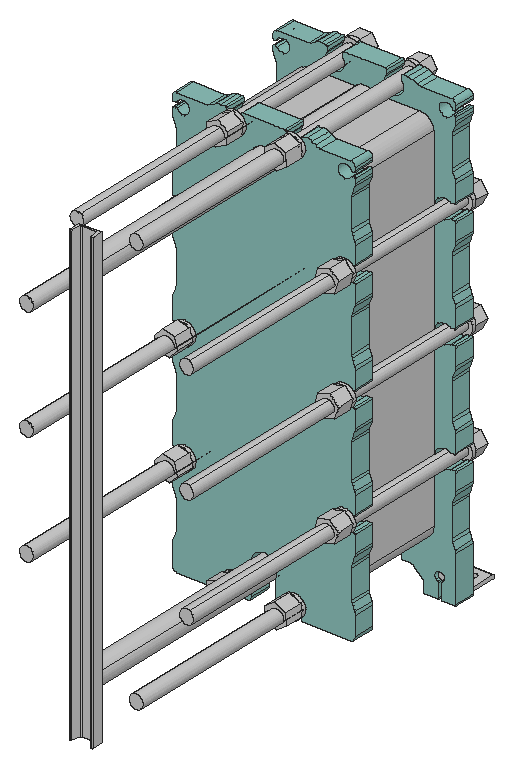
Revit family "Ekin_Endüstriyel - MIT518", category Specialty Equipment, Revit 2022
Family settings
  Round Connector Dimension = Use Diameter
  Part Type = Normal
  Work Plane-Based = No
  Always vertical = No
  Cut with Voids When Loaded = No
  Maintain Annotation Orientation = No
  Shared = No
  Room Calculation Point = No
Parameters (values of type "Flanged")
  URL = "https://en.ekinendustriyel.com/plate-heat-exchanger"
  Type Comments = ""
  Thickness_of_Plate = 0.50 mm  # constant formula
  Number_of_Plate [instance] = 50
  Model = if(Hygienic, if(Design Pressure < 11.0 bar, "H12340000F50L", if(Design Pressure < 16.0 bar, " H12340000F50M", " H12340000F50H")), if(Design Pressure < 10.0 bar, "E12340000F50L", if(Design Pressure < 16.0 bar, " E12340000F50M", " E12340000F50H")))  # " H12340000F50H"
  Material = Galvanized Steel- S235JR
  Manufacturer = "Ekin Endüstriyel"
  Lk [instance] = (Number_of_Plate) * ((Thickness_of_Plate) + 4.10 mm)  # 230.00 mm
  Lh [instance] = 500.00 mm  # constant formula
  Lf [instance] = 950.00 mm  # constant formula
  Lc [instance] = if(Number_of_Plate < 26, 350.00 mm, if(Number_of_Plate < 46, 500.00 mm, if(Number_of_Plate < 71, 750.00 mm, if(Number_of_Plate < 101, 1000.00 mm, 1250.00 mm))))  # 750.00 mm
  La [instance] = 1000.00 mm  # constant formula
  Keynote = ""
  Industrial = not(Hygienic)  # no
  Hygienic = yes
  Head & Follower Plate [instance] = if(Design Pressure < 11.0 bar, 25.00 mm, if(Design Pressure < 17.0 bar, 35.00 mm, 45.00 mm))  # 45.00 mm
  Follower Plate [instance] = -(Head & Follower Plate)  # -45.00 mm
  Design Pressure = 20 bar
  Description = if(Design Pressure < 10.0663 bar, "MIT - Heat Exchanger - 10 bar", if(Design Pressure < 15.9958 bar, " MIT - Heat Exchanger - 16 bar", " MIT - Heat Exchanger - 25 bar"))  # " MIT - Heat Exchanger - 25 bar"
  Default Elevation = 0.00 mm
Reference planes
  plane 1 "Center (Front/Back)": y = 0
  plane 2: z = 0
  plane 3 "Center (Left/Right)": x = 0
  plane 4: x = 1160
  plane 5: x = -1000
  plane 6 "2": y = -275
  plane 7 "1": y = -45
  plane 8 "3": y = -795
  plane 9 "Bolt End": y = 18.7
  plane 10: y = -750
Forms (mm)
  Extrusion 1, solid, material "Galvanized Steel", detail levels fine
    sketch origin (4.063, 0, 0) x (1, 0, 0) y (0, 0, 1)
      loop
        arc (195.937, 980) -> (193.008, 987.071) -> (185.937, 990) r 10
        line (185.937, 990) -> (118.616, 990)
        arc (118.616, 990) -> (113.44, 990.681) -> (108.616, 992.679) r 20
        line (108.616, 992.679) -> (100.578, 997.321)
        arc (100.578, 997.321) -> (95.754, 999.319) -> (90.578, 1000) r 20
        line (90.578, 1000) -> (80.187, 1000)
        arc (80.187, 1000) -> (78.066, 999.121) -> (77.187, 997) r 3
        line (77.187, 997) -> (77.187, 989.333)
        arc (77.187, 989.333) -> (77.339, 988.389) -> (77.781, 987.541) r 3
        arc (77.781, 987.541) -> (60.937, 954) -> (44.093, 987.541) r 21
        arc (44.093, 987.541) -> (44.535, 988.389) -> (44.687, 989.333) r 3
        line (44.687, 989.333) -> (44.687, 997)
        arc (44.687, 997) -> (43.808, 999.121) -> (41.687, 1000) r 3
        line (41.687, 1000) -> (-49.813, 1000)
        arc (-49.813, 1000) -> (-51.934, 999.121) -> (-52.813, 997) r 3
        line (-52.813, 997) -> (-52.813, 989.333)
        arc (-52.813, 989.333) -> (-52.661, 988.389) -> (-52.219, 987.541) r 3
        arc (-52.219, 987.541) -> (-69.063, 954) -> (-85.907, 987.541) r 21
        arc (-85.907, 987.541) -> (-85.465, 988.389) -> (-85.313, 989.333) r 3
        line (-85.313, 989.333) -> (-85.313, 997)
        arc (-85.313, 997) -> (-86.192, 999.121) -> (-88.313, 1000) r 3
        line (-88.313, 1000) -> (-98.704, 1000)
        arc (-98.704, 1000) -> (-103.88, 999.319) -> (-108.704, 997.321) r 20
        line (-108.704, 997.321) -> (-116.743, 992.679)
        arc (-116.743, 992.679) -> (-121.566, 990.681) -> (-126.743, 990) r 20
        line (-126.743, 990) -> (-194.063, 990)
        arc (-194.063, 990) -> (-201.134, 987.071) -> (-204.063, 980) r 10
        line (-204.063, 980) -> (-204.063, 973)
        arc (-204.063, 973) -> (-203.184, 970.879) -> (-201.063, 970) r 3
        line (-201.063, 970) -> (-198.188, 970)
        arc (-198.188, 970) -> (-196.606, 970.45) -> (-195.5, 971.667) r 3
        arc (-195.5, 971.667) -> (-167.063, 965) -> (-195.5, 958.333) r 15
        arc (-195.5, 958.333) -> (-196.606, 959.55) -> (-198.188, 960) r 3
        line (-198.188, 960) -> (-201.063, 960)
        arc (-201.063, 960) -> (-203.184, 959.121) -> (-204.063, 957) r 3
        line (-204.063, 957) -> (-204.063, 948.006)
        arc (-204.063, 948.006) -> (-203.759, 944.533) -> (-202.857, 941.166) r 20
        line (-202.857, 941.166) -> (-197.269, 925.814)
        arc (-197.269, 925.814) -> (-196.367, 922.446) -> (-196.063, 918.973) r 20
        line (-196.063, 918.973) -> (-196.063, 856.027)
        arc (-196.063, 856.027) -> (-196.367, 852.554) -> (-197.269, 849.186) r 20
        line (-197.269, 849.186) -> (-202.857, 833.834)
        arc (-202.857, 833.834) -> (-203.759, 830.467) -> (-204.063, 826.994) r 20
        line (-204.063, 826.994) -> (-204.063, 789.25)
        arc (-204.063, 789.25) -> (-203.184, 787.129) -> (-201.063, 786.25) r 3
        line (-201.063, 786.25) -> (-193.396, 786.25)
        arc (-193.396, 786.25) -> (-192.452, 786.402) -> (-191.604, 786.844) r 3
        arc (-191.604, 786.844) -> (-158.063, 770) -> (-191.604, 753.156) r 21
        arc (-191.604, 753.156) -> (-192.452, 753.598) -> (-193.396, 753.75) r 3
        line (-193.396, 753.75) -> (-201.063, 753.75)
        arc (-201.063, 753.75) -> (-203.184, 752.871) -> (-204.063, 750.75) r 3
        line (-204.063, 750.75) -> (-204.063, 713.006)
        arc (-204.063, 713.006) -> (-203.759, 709.533) -> (-202.857, 706.166) r 20
        line (-202.857, 706.166) -> (-197.269, 690.814)
        arc (-197.269, 690.814) -> (-196.367, 687.446) -> (-196.063, 683.973) r 20
        line (-196.063, 683.973) -> (-196.063, 611.027)
        arc (-196.063, 611.027) -> (-196.367, 607.554) -> (-197.269, 604.186) r 20
        line (-197.269, 604.186) -> (-202.857, 588.834)
        arc (-202.857, 588.834) -> (-203.759, 585.467) -> (-204.063, 581.994) r 20
        line (-204.063, 581.994) -> (-204.063, 544.25)
        arc (-204.063, 544.25) -> (-203.184, 542.129) -> (-201.063, 541.25) r 3
        line (-201.063, 541.25) -> (-193.396, 541.25)
        arc (-193.396, 541.25) -> (-192.452, 541.402) -> (-191.604, 541.844) r 3
        arc (-191.604, 541.844) -> (-158.063, 525) -> (-191.604, 508.156) r 21
        arc (-191.604, 508.156) -> (-192.452, 508.598) -> (-193.396, 508.75) r 3
        line (-193.396, 508.75) -> (-201.063, 508.75)
        arc (-201.063, 508.75) -> (-203.184, 507.871) -> (-204.063, 505.75) r 3
        line (-204.063, 505.75) -> (-204.063, 468.006)
        arc (-204.063, 468.006) -> (-203.759, 464.533) -> (-202.857, 461.166) r 20
        line (-202.857, 461.166) -> (-197.269, 445.814)
        arc (-197.269, 445.814) -> (-196.367, 442.446) -> (-196.063, 438.973) r 20
        line (-196.063, 438.973) -> (-196.063, 366.027)
        arc (-196.063, 366.027) -> (-196.367, 362.554) -> (-197.269, 359.186) r 20
        line (-197.269, 359.186) -> (-202.857, 343.834)
        arc (-202.857, 343.834) -> (-203.759, 340.467) -> (-204.063, 336.994) r 20
        line (-204.063, 336.994) -> (-204.063, 299.25)
        arc (-204.063, 299.25) -> (-203.184, 297.129) -> (-201.063, 296.25) r 3
        line (-201.063, 296.25) -> (-193.396, 296.25)
        arc (-193.396, 296.25) -> (-192.452, 296.402) -> (-191.604, 296.844) r 3
        arc (-191.604, 296.844) -> (-158.063, 280) -> (-191.604, 263.156) r 21
        arc (-191.604, 263.156) -> (-192.452, 263.598) -> (-193.396, 263.75) r 3
        line (-193.396, 263.75) -> (-201.063, 263.75)
        arc (-201.063, 263.75) -> (-203.184, 262.871) -> (-204.063, 260.75) r 3
        line (-204.063, 260.75) -> (-204.063, 223.006)
        arc (-204.063, 223.006) -> (-203.759, 219.533) -> (-202.857, 216.166) r 20
        line (-202.857, 216.166) -> (-197.269, 200.814)
        arc (-197.269, 200.814) -> (-196.367, 197.446) -> (-196.063, 193.973) r 20
        line (-196.063, 193.973) -> (-196.063, 131.027)
        arc (-196.063, 131.027) -> (-196.367, 127.554) -> (-197.269, 124.186) r 20
        line (-197.269, 124.186) -> (-202.857, 108.834)
        arc (-202.857, 108.834) -> (-203.759, 105.467) -> (-204.063, 101.994) r 20
        line (-204.063, 101.994) -> (-204.063, 3)
        arc (-204.063, 3) -> (-203.184, 0.879) -> (-201.063, 0) r 3
        line (-201.063, 0) -> (-175.063, 0)
        arc (-175.063, 0) -> (-172.942, 0.879) -> (-172.063, 3) r 3
        line (-172.063, 3) -> (-172.063, 32.351)
        arc (-172.063, 32.351) -> (-172.528, 33.954) -> (-173.777, 35.061) r 3
        arc (-173.777, 35.061) -> (-169.063, 56) -> (-164.349, 35.061) r 11
        arc (-164.349, 35.061) -> (-165.598, 33.954) -> (-166.063, 32.351) r 3
        line (-166.063, 32.351) -> (-166.063, 3)
        arc (-166.063, 3) -> (-165.184, 0.879) -> (-163.063, 0) r 3
        line (-163.063, 0) -> (-137.063, 0)
        arc (-137.063, 0) -> (-134.942, 0.879) -> (-134.063, 3) r 3
        line (-134.063, 3) -> (-134.063, 20.858)
        arc (-134.063, 20.858) -> (-133.302, 24.685) -> (-131.134, 27.929) r 10
        line (-131.134, 27.929) -> (-111.992, 47.071)
        arc (-111.992, 47.071) -> (-108.748, 49.239) -> (-104.921, 50) r 10
        line (-104.921, 50) -> (-88.313, 50)
        arc (-88.313, 50) -> (-86.192, 50.879) -> (-85.313, 53) r 3
        line (-85.313, 53) -> (-85.313, 60.667)
        arc (-85.313, 60.667) -> (-85.465, 61.611) -> (-85.907, 62.459) r 3
        arc (-85.907, 62.459) -> (-69.063, 96) -> (-52.219, 62.459) r 21
        arc (-52.219, 62.459) -> (-52.661, 61.611) -> (-52.813, 60.667) r 3
        line (-52.813, 60.667) -> (-52.813, 53)
        arc (-52.813, 53) -> (-51.934, 50.879) -> (-49.813, 50) r 3
        line (-49.813, 50) -> (41.687, 50)
        arc (41.687, 50) -> (43.808, 50.879) -> (44.687, 53) r 3
        line (44.687, 53) -> (44.687, 60.667)
        arc (44.687, 60.667) -> (44.535, 61.611) -> (44.093, 62.459) r 3
        arc (44.093, 62.459) -> (60.937, 96) -> (77.781, 62.459) r 21
        arc (77.781, 62.459) -> (77.339, 61.611) -> (77.187, 60.667) r 3
        line (77.187, 60.667) -> (77.187, 53)
        arc (77.187, 53) -> (78.066, 50.879) -> (80.187, 50) r 3
        line (80.187, 50) -> (96.795, 50)
        arc (96.795, 50) -> (100.622, 49.239) -> (103.866, 47.071) r 10
        line (103.866, 47.071) -> (123.008, 27.929)
        arc (123.008, 27.929) -> (125.176, 24.685) -> (125.937, 20.858) r 10
        line (125.937, 20.858) -> (125.937, 3)
        arc (125.937, 3) -> (126.816, 0.879) -> (128.937, 0) r 3
        line (128.937, 0) -> (154.937, 0)
        arc (154.937, 0) -> (157.058, 0.879) -> (157.937, 3) r 3
        line (157.937, 3) -> (157.937, 32.351)
        arc (157.937, 32.351) -> (157.472, 33.954) -> (156.223, 35.061) r 3
        arc (156.223, 35.061) -> (160.937, 56) -> (165.651, 35.061) r 11
        arc (165.651, 35.061) -> (164.402, 33.954) -> (163.937, 32.351) r 3
        line (163.937, 32.351) -> (163.937, 3)
        arc (163.937, 3) -> (164.816, 0.879) -> (166.937, 0) r 3
        line (166.937, 0) -> (192.937, 0)
        arc (192.937, 0) -> (195.058, 0.879) -> (195.937, 3) r 3
        line (195.937, 3) -> (195.937, 101.994)
        arc (195.937, 101.994) -> (195.633, 105.467) -> (194.731, 108.834) r 20
        line (194.731, 108.834) -> (189.143, 124.186)
        arc (189.143, 124.186) -> (188.241, 127.554) -> (187.937, 131.027) r 20
        line (187.937, 131.027) -> (187.937, 193.973)
        arc (187.937, 193.973) -> (188.241, 197.446) -> (189.143, 200.814) r 20
        line (189.143, 200.814) -> (194.731, 216.166)
        arc (194.731, 216.166) -> (195.633, 219.533) -> (195.937, 223.006) r 20
        line (195.937, 223.006) -> (195.937, 260.75)
        arc (195.937, 260.75) -> (195.058, 262.871) -> (192.937, 263.75) r 3
        line (192.937, 263.75) -> (185.27, 263.75)
        arc (185.27, 263.75) -> (184.326, 263.598) -> (183.478, 263.156) r 3
        arc (183.478, 263.156) -> (149.937, 280) -> (183.478, 296.844) r 21
        arc (183.478, 296.844) -> (184.326, 296.402) -> (185.27, 296.25) r 3
        line (185.27, 296.25) -> (192.937, 296.25)
        arc (192.937, 296.25) -> (195.058, 297.129) -> (195.937, 299.25) r 3
        line (195.937, 299.25) -> (195.937, 336.994)
        arc (195.937, 336.994) -> (195.633, 340.467) -> (194.731, 343.834) r 20
        line (194.731, 343.834) -> (189.143, 359.186)
        arc (189.143, 359.186) -> (188.241, 362.554) -> (187.937, 366.027) r 20
        line (187.937, 366.027) -> (187.937, 438.973)
        arc (187.937, 438.973) -> (188.241, 442.446) -> (189.143, 445.814) r 20
        line (189.143, 445.814) -> (194.731, 461.166)
        arc (194.731, 461.166) -> (195.633, 464.533) -> (195.937, 468.006) r 20
        line (195.937, 468.006) -> (195.937, 505.75)
        arc (195.937, 505.75) -> (195.058, 507.871) -> (192.937, 508.75) r 3
        line (192.937, 508.75) -> (185.27, 508.75)
        arc (185.27, 508.75) -> (184.326, 508.598) -> (183.478, 508.156) r 3
        arc (183.478, 508.156) -> (149.937, 525) -> (183.478, 541.844) r 21
        arc (183.478, 541.844) -> (184.326, 541.402) -> (185.27, 541.25) r 3
        line (185.27, 541.25) -> (192.937, 541.25)
        arc (192.937, 541.25) -> (195.058, 542.129) -> (195.937, 544.25) r 3
        line (195.937, 544.25) -> (195.937, 581.994)
        arc (195.937, 581.994) -> (195.633, 585.467) -> (194.731, 588.834) r 20
        line (194.731, 588.834) -> (189.143, 604.186)
        arc (189.143, 604.186) -> (188.241, 607.554) -> (187.937, 611.027) r 20
        line (187.937, 611.027) -> (187.937, 683.973)
        arc (187.937, 683.973) -> (188.241, 687.446) -> (189.143, 690.814) r 20
        line (189.143, 690.814) -> (194.731, 706.166)
        arc (194.731, 706.166) -> (195.633, 709.533) -> (195.937, 713.006) r 20
        line (195.937, 713.006) -> (195.937, 750.75)
        arc (195.937, 750.75) -> (195.058, 752.871) -> (192.937, 753.75) r 3
        line (192.937, 753.75) -> (185.27, 753.75)
        arc (185.27, 753.75) -> (184.326, 753.598) -> (183.478, 753.156) r 3
        arc (183.478, 753.156) -> (149.937, 770) -> (183.478, 786.844) r 21
        arc (183.478, 786.844) -> (184.326, 786.402) -> (185.27, 786.25) r 3
        line (185.27, 786.25) -> (192.937, 786.25)
        arc (192.937, 786.25) -> (195.058, 787.129) -> (195.937, 789.25) r 3
        line (195.937, 789.25) -> (195.937, 826.994)
        arc (195.937, 826.994) -> (195.633, 830.467) -> (194.731, 833.834) r 20
        line (194.731, 833.834) -> (189.143, 849.186)
        arc (189.143, 849.186) -> (188.241, 852.554) -> (187.937, 856.027) r 20
        line (187.937, 856.027) -> (187.937, 918.973)
        arc (187.937, 918.973) -> (188.241, 922.446) -> (189.143, 925.814) r 20
        line (189.143, 925.814) -> (194.731, 941.166)
        arc (194.731, 941.166) -> (195.633, 944.533) -> (195.937, 948.006) r 20
        line (195.937, 948.006) -> (195.937, 957)
        arc (195.937, 957) -> (195.058, 959.121) -> (192.937, 960) r 3
        line (192.937, 960) -> (190.061, 960)
        arc (190.061, 960) -> (188.48, 959.55) -> (187.374, 958.333) r 3
        arc (187.374, 958.333) -> (158.937, 965) -> (187.374, 971.667) r 15
        arc (187.374, 971.667) -> (188.48, 970.45) -> (190.061, 970) r 3
        line (190.061, 970) -> (192.937, 970)
        arc (192.937, 970) -> (195.058, 970.879) -> (195.937, 973) r 3
        line (195.937, 973) -> (195.937, 980)
      loop
        circle (-4.063, 124.5) r 6.25
      loop
        circle (127.937, 133) r 6.5
      loop
        circle (85.937, 175) r 31.5
      loop
        circle (127.937, 217) r 6.5
      loop
        circle (43.937, 133) r 6.5
      loop
        circle (43.937, 217) r 6.5
      loop
        circle (127.937, 833) r 6.5
      loop
        circle (85.937, 875) r 31.5
      loop
        circle (127.937, 917) r 6.5
      loop
        circle (43.937, 833) r 6.5
      loop
        circle (43.937, 917) r 6.5
      loop
        circle (-4.063, 925.5) r 6.75
      loop
        circle (-136.063, 133) r 6.5
      loop
        circle (-94.063, 175) r 31.5
      loop
        circle (-136.063, 217) r 6.5
      loop
        circle (-52.063, 133) r 6.5
      loop
        circle (-52.063, 217) r 6.5
      loop
        circle (-136.063, 833) r 6.5
      loop
        circle (-94.063, 875) r 31.5
      loop
        circle (-136.063, 917) r 6.5
      loop
        circle (-52.063, 833) r 6.5
      loop
        circle (-52.063, 917) r 6.5
    from 0 to 45
  Extrusion 2, solid, material "Galvanized Steel", detail levels fine
    sketch origin (4.063, -275, 0) x (-1, 0, 0) y (0, 0, 1)
      loop
        arc (-41.687, 1000) -> (-43.808, 999.121) -> (-44.687, 997) r 3
        line (-44.687, 997) -> (-44.687, 989.333)
        arc (-44.687, 989.333) -> (-44.535, 988.389) -> (-44.093, 987.541) r 3
        arc (-44.093, 987.541) -> (-60.937, 954) -> (-77.781, 987.541) r 21
        arc (-77.781, 987.541) -> (-77.339, 988.389) -> (-77.187, 989.333) r 3
        line (-77.187, 989.333) -> (-77.187, 997)
        arc (-77.187, 997) -> (-78.066, 999.121) -> (-80.187, 1000) r 3
        line (-80.187, 1000) -> (-90.578, 1000)
        arc (-90.578, 1000) -> (-95.754, 999.319) -> (-100.578, 997.321) r 20
        line (-100.578, 997.321) -> (-108.616, 992.679)
        arc (-108.616, 992.679) -> (-113.44, 990.681) -> (-118.616, 990) r 20
        line (-118.616, 990) -> (-185.937, 990)
        arc (-185.937, 990) -> (-193.008, 987.071) -> (-195.937, 980) r 10
        line (-195.937, 980) -> (-195.937, 973)
        arc (-195.937, 973) -> (-195.058, 970.879) -> (-192.937, 970) r 3
        line (-192.937, 970) -> (-190.061, 970)
        arc (-190.061, 970) -> (-188.48, 970.45) -> (-187.374, 971.667) r 3
        arc (-187.374, 971.667) -> (-158.937, 965) -> (-187.374, 958.333) r 15
        arc (-187.374, 958.333) -> (-188.48, 959.55) -> (-190.061, 960) r 3
        line (-190.061, 960) -> (-192.937, 960)
        arc (-192.937, 960) -> (-195.058, 959.121) -> (-195.937, 957) r 3
        line (-195.937, 957) -> (-195.937, 948.006)
        arc (-195.937, 948.006) -> (-195.633, 944.533) -> (-194.731, 941.166) r 20
        line (-194.731, 941.166) -> (-189.143, 925.814)
        arc (-189.143, 925.814) -> (-188.241, 922.446) -> (-187.937, 918.973) r 20
        line (-187.937, 918.973) -> (-187.937, 856.027)
        arc (-187.937, 856.027) -> (-188.241, 852.554) -> (-189.143, 849.186) r 20
        line (-189.143, 849.186) -> (-194.731, 833.834)
        arc (-194.731, 833.834) -> (-195.633, 830.467) -> (-195.937, 826.994) r 20
        line (-195.937, 826.994) -> (-195.937, 789.25)
        arc (-195.937, 789.25) -> (-195.058, 787.129) -> (-192.937, 786.25) r 3
        line (-192.937, 786.25) -> (-185.27, 786.25)
        arc (-185.27, 786.25) -> (-184.326, 786.402) -> (-183.478, 786.844) r 3
        arc (-183.478, 786.844) -> (-149.937, 770) -> (-183.478, 753.156) r 21
        arc (-183.478, 753.156) -> (-184.326, 753.598) -> (-185.27, 753.75) r 3
        line (-185.27, 753.75) -> (-192.937, 753.75)
        arc (-192.937, 753.75) -> (-195.058, 752.871) -> (-195.937, 750.75) r 3
        line (-195.937, 750.75) -> (-195.937, 713.006)
        arc (-195.937, 713.006) -> (-195.633, 709.533) -> (-194.731, 706.166) r 20
        line (-194.731, 706.166) -> (-189.143, 690.814)
        arc (-189.143, 690.814) -> (-188.241, 687.446) -> (-187.937, 683.973) r 20
        line (-187.937, 683.973) -> (-187.937, 611.027)
        arc (-187.937, 611.027) -> (-188.241, 607.554) -> (-189.143, 604.186) r 20
        line (-189.143, 604.186) -> (-194.731, 588.834)
        arc (-194.731, 588.834) -> (-195.633, 585.467) -> (-195.937, 581.994) r 20
        line (-195.937, 581.994) -> (-195.937, 544.25)
        arc (-195.937, 544.25) -> (-195.058, 542.129) -> (-192.937, 541.25) r 3
        line (-192.937, 541.25) -> (-185.27, 541.25)
        arc (-185.27, 541.25) -> (-184.326, 541.402) -> (-183.478, 541.844) r 3
        arc (-183.478, 541.844) -> (-149.937, 525) -> (-183.478, 508.156) r 21
        arc (-183.478, 508.156) -> (-184.326, 508.598) -> (-185.27, 508.75) r 3
        line (-185.27, 508.75) -> (-192.937, 508.75)
        arc (-192.937, 508.75) -> (-195.058, 507.871) -> (-195.937, 505.75) r 3
        line (-195.937, 505.75) -> (-195.937, 468.006)
        arc (-195.937, 468.006) -> (-195.633, 464.533) -> (-194.731, 461.166) r 20
        line (-194.731, 461.166) -> (-189.143, 445.814)
        arc (-189.143, 445.814) -> (-188.241, 442.446) -> (-187.937, 438.973) r 20
        line (-187.937, 438.973) -> (-187.937, 366.027)
        arc (-187.937, 366.027) -> (-188.241, 362.554) -> (-189.143, 359.186) r 20
        line (-189.143, 359.186) -> (-194.731, 343.834)
        arc (-194.731, 343.834) -> (-195.633, 340.467) -> (-195.937, 336.994) r 20
        line (-195.937, 336.994) -> (-195.937, 299.25)
        arc (-195.937, 299.25) -> (-195.058, 297.129) -> (-192.937, 296.25) r 3
        line (-192.937, 296.25) -> (-185.27, 296.25)
        arc (-185.27, 296.25) -> (-184.326, 296.402) -> (-183.478, 296.844) r 3
        arc (-183.478, 296.844) -> (-149.937, 280) -> (-183.478, 263.156) r 21
        arc (-183.478, 263.156) -> (-184.326, 263.598) -> (-185.27, 263.75) r 3
        line (-185.27, 263.75) -> (-192.937, 263.75)
        arc (-192.937, 263.75) -> (-195.058, 262.871) -> (-195.937, 260.75) r 3
        line (-195.937, 260.75) -> (-195.937, 223.006)
        arc (-195.937, 223.006) -> (-195.633, 219.533) -> (-194.731, 216.166) r 20
        line (-194.731, 216.166) -> (-189.143, 200.814)
        arc (-189.143, 200.814) -> (-188.241, 197.446) -> (-187.937, 193.973) r 20
        line (-187.937, 193.973) -> (-187.937, 131.027)
        arc (-187.937, 131.027) -> (-188.241, 127.554) -> (-189.143, 124.186) r 20
        line (-189.143, 124.186) -> (-194.731, 108.834)
        arc (-194.731, 108.834) -> (-195.633, 105.467) -> (-195.937, 101.994) r 20
        line (-195.937, 101.994) -> (-195.937, 60)
        arc (-195.937, 60) -> (-193.008, 52.929) -> (-185.937, 50) r 10
        line (-185.937, 50) -> (-80.187, 50)
        arc (-80.187, 50) -> (-78.066, 50.879) -> (-77.187, 53) r 3
        line (-77.187, 53) -> (-77.187, 60.667)
        arc (-77.187, 60.667) -> (-77.339, 61.611) -> (-77.781, 62.459) r 3
        arc (-77.781, 62.459) -> (-60.937, 96) -> (-44.093, 62.459) r 21
        arc (-44.093, 62.459) -> (-44.535, 61.611) -> (-44.687, 60.667) r 3
        line (-44.687, 60.667) -> (-44.687, 53)
        arc (-44.687, 53) -> (-43.808, 50.879) -> (-41.687, 50) r 3
        line (-41.687, 50) -> (-32.437, 50)
        arc (-32.437, 50) -> (-25.366, 52.929) -> (-22.437, 60) r 10
        line (-22.437, 60) -> (-22.437, 129.5)
        arc (-22.437, 129.5) -> (4.063, 156) -> (30.563, 129.5) r 26.5
        line (30.563, 129.5) -> (30.563, 60)
        arc (30.563, 60) -> (33.492, 52.929) -> (40.563, 50) r 10
        line (40.563, 50) -> (49.813, 50)
        arc (49.813, 50) -> (51.934, 50.879) -> (52.813, 53) r 3
        line (52.813, 53) -> (52.813, 60.667)
        arc (52.813, 60.667) -> (52.661, 61.611) -> (52.219, 62.459) r 3
        arc (52.219, 62.459) -> (69.063, 96) -> (85.907, 62.459) r 21
        arc (85.907, 62.459) -> (85.465, 61.611) -> (85.313, 60.667) r 3
        line (85.313, 60.667) -> (85.313, 53)
        arc (85.313, 53) -> (86.192, 50.879) -> (88.313, 50) r 3
        line (88.313, 50) -> (194.063, 50)
        arc (194.063, 50) -> (201.134, 52.929) -> (204.063, 60) r 10
        line (204.063, 60) -> (204.063, 101.994)
        arc (204.063, 101.994) -> (203.759, 105.467) -> (202.857, 108.834) r 20
        line (202.857, 108.834) -> (197.269, 124.186)
        arc (197.269, 124.186) -> (196.367, 127.554) -> (196.063, 131.027) r 20
        line (196.063, 131.027) -> (196.063, 193.973)
        arc (196.063, 193.973) -> (196.367, 197.446) -> (197.269, 200.814) r 20
        line (197.269, 200.814) -> (202.857, 216.166)
        arc (202.857, 216.166) -> (203.759, 219.533) -> (204.063, 223.006) r 20
        line (204.063, 223.006) -> (204.063, 260.75)
        arc (204.063, 260.75) -> (203.184, 262.871) -> (201.063, 263.75) r 3
        line (201.063, 263.75) -> (193.396, 263.75)
        arc (193.396, 263.75) -> (192.452, 263.598) -> (191.604, 263.156) r 3
        arc (191.604, 263.156) -> (158.063, 280) -> (191.604, 296.844) r 21
        arc (191.604, 296.844) -> (192.452, 296.402) -> (193.396, 296.25) r 3
        line (193.396, 296.25) -> (201.063, 296.25)
        arc (201.063, 296.25) -> (203.184, 297.129) -> (204.063, 299.25) r 3
        line (204.063, 299.25) -> (204.063, 336.994)
        arc (204.063, 336.994) -> (203.759, 340.467) -> (202.857, 343.834) r 20
        line (202.857, 343.834) -> (197.269, 359.186)
        arc (197.269, 359.186) -> (196.367, 362.554) -> (196.063, 366.027) r 20
        line (196.063, 366.027) -> (196.063, 438.973)
        arc (196.063, 438.973) -> (196.367, 442.446) -> (197.269, 445.814) r 20
        line (197.269, 445.814) -> (202.857, 461.166)
        arc (202.857, 461.166) -> (203.759, 464.533) -> (204.063, 468.006) r 20
        line (204.063, 468.006) -> (204.063, 505.75)
        arc (204.063, 505.75) -> (203.184, 507.871) -> (201.063, 508.75) r 3
        line (201.063, 508.75) -> (193.396, 508.75)
        arc (193.396, 508.75) -> (192.452, 508.598) -> (191.604, 508.156) r 3
        arc (191.604, 508.156) -> (158.063, 525) -> (191.604, 541.844) r 21
        arc (191.604, 541.844) -> (192.452, 541.402) -> (193.396, 541.25) r 3
        line (193.396, 541.25) -> (201.063, 541.25)
        arc (201.063, 541.25) -> (203.184, 542.129) -> (204.063, 544.25) r 3
        line (204.063, 544.25) -> (204.063, 581.994)
        arc (204.063, 581.994) -> (203.759, 585.467) -> (202.857, 588.834) r 20
        line (202.857, 588.834) -> (197.269, 604.186)
        arc (197.269, 604.186) -> (196.367, 607.554) -> (196.063, 611.027) r 20
        line (196.063, 611.027) -> (196.063, 683.973)
        arc (196.063, 683.973) -> (196.367, 687.446) -> (197.269, 690.814) r 20
        line (197.269, 690.814) -> (202.857, 706.166)
        arc (202.857, 706.166) -> (203.759, 709.533) -> (204.063, 713.006) r 20
        line (204.063, 713.006) -> (204.063, 750.75)
        arc (204.063, 750.75) -> (203.184, 752.871) -> (201.063, 753.75) r 3
        line (201.063, 753.75) -> (193.396, 753.75)
        arc (193.396, 753.75) -> (192.452, 753.598) -> (191.604, 753.156) r 3
        arc (191.604, 753.156) -> (158.063, 770) -> (191.604, 786.844) r 21
        arc (191.604, 786.844) -> (192.452, 786.402) -> (193.396, 786.25) r 3
        line (193.396, 786.25) -> (201.063, 786.25)
        arc (201.063, 786.25) -> (203.184, 787.129) -> (204.063, 789.25) r 3
        line (204.063, 789.25) -> (204.063, 826.994)
        arc (204.063, 826.994) -> (203.759, 830.467) -> (202.857, 833.834) r 20
        line (202.857, 833.834) -> (197.269, 849.186)
        arc (197.269, 849.186) -> (196.367, 852.554) -> (196.063, 856.027) r 20
        line (196.063, 856.027) -> (196.063, 918.973)
        arc (196.063, 918.973) -> (196.367, 922.446) -> (197.269, 925.814) r 20
        line (197.269, 925.814) -> (202.857, 941.166)
        arc (202.857, 941.166) -> (203.759, 944.533) -> (204.063, 948.006) r 20
        line (204.063, 948.006) -> (204.063, 957)
        arc (204.063, 957) -> (203.184, 959.121) -> (201.063, 960) r 3
        line (201.063, 960) -> (198.188, 960)
        arc (198.188, 960) -> (196.606, 959.55) -> (195.5, 958.333) r 3
        arc (195.5, 958.333) -> (167.063, 965) -> (195.5, 971.667) r 15
        arc (195.5, 971.667) -> (196.606, 970.45) -> (198.188, 970) r 3
        line (198.188, 970) -> (201.063, 970)
        arc (201.063, 970) -> (203.184, 970.879) -> (204.063, 973) r 3
        line (204.063, 973) -> (204.063, 980)
        arc (204.063, 980) -> (201.134, 987.071) -> (194.063, 990) r 10
        line (194.063, 990) -> (126.743, 990)
        arc (126.743, 990) -> (121.566, 990.681) -> (116.743, 992.679) r 20
        line (116.743, 992.679) -> (108.704, 997.321)
        arc (108.704, 997.321) -> (103.88, 999.319) -> (98.704, 1000) r 20
        line (98.704, 1000) -> (88.313, 1000)
        arc (88.313, 1000) -> (86.192, 999.121) -> (85.313, 997) r 3
        line (85.313, 997) -> (85.313, 989.333)
        arc (85.313, 989.333) -> (85.465, 988.389) -> (85.907, 987.541) r 3
        arc (85.907, 987.541) -> (69.063, 954) -> (52.219, 987.541) r 21
        arc (52.219, 987.541) -> (52.661, 988.389) -> (52.813, 989.333) r 3
        line (52.813, 989.333) -> (52.813, 997)
        arc (52.813, 997) -> (51.934, 999.121) -> (49.813, 1000) r 3
        line (49.813, 1000) -> (-41.687, 1000)
      loop
        circle (4.063, 925.5) r 26.5
    from 0 to -45 <- "Follower Plate"
  Extrusion 3, solid, material "AISI 316L/Titanium/Hastelloy", detail levels fine
    sketch origin (0, -45, 0) x (-1, 0, 0) y (0, 0, 1)
      loop
        line (-34, 926.5) -> (-20, 942.5) -> (-120, 942.5)
        arc (-120, 942.5) -> (-141.213, 933.713) -> (-150, 912.5) r 30
        line (-150, 912.5) -> (-150, 137.5)
        arc (-150, 137.5) -> (-141.213, 116.287) -> (-120, 107.5) r 30
        line (-120, 107.5) -> (-20, 107.5) -> (-34, 123.5) -> (-34, 137.5) -> (-23.994, 146.255) -> (0, 151) -> (23.994, 146.255) -> (34, 137.5) -> (34, 123.5) -> (20, 107.5) -> (120, 107.5)
        arc (120, 107.5) -> (141.213, 116.287) -> (150, 137.5) r 30
        line (150, 137.5) -> (150, 912.5)
        arc (150, 912.5) -> (141.213, 933.713) -> (120, 942.5) r 30
        line (120, 942.5) -> (20, 942.5) -> (34, 926.5) -> (34, 912.5) -> (23.994, 903.745) -> (0, 899) -> (-23.994, 903.745) -> (-34, 912.5) -> (-34, 926.5)
      loop
        circle (-90, 875) r 31.5
      loop
        circle (90, 875) r 31.5
      loop
        circle (-90, 175) r 31.5
      loop
        circle (90, 175) r 31.5
    from 0 to -230
  Extrusion 4, solid, material "Galvanized Steel- S235JR"
    sketch origin (0, 0, 0) x (1, 0, 0) y (0, 0, 1)
      loop
        circle (0, 925.5) r 25
      loop
        circle (0, 124.5) r 25
    from 45 to 795
  Extrusion 5, solid, material "Galvanized Steel- S235JR"
    sketch origin (0, 0, 0) x (1, 0, 0) y (0, 0, 1)
      loop
        circle (175, 770) r 15
      loop
        circle (175, 525) r 15
      loop
        circle (175, 280) r 15
      loop
        circle (65, 75) r 15
      loop
        circle (65, 975) r 15
      loop
        circle (-175, 770) r 15
      loop
        circle (-175, 525) r 15
      loop
        circle (-175, 280) r 15
      loop
        circle (-65, 75) r 15
      loop
        circle (-65, 975) r 15
    from 0 to 750
  Extrusion 6, solid, material "Galvanized Steel- S235JR", detail levels fine
    sketch origin (0, 0, 0) x (1, 0, 0) y (0, 0, 1)
      loop
        line (177.378, 51.227) -> (165.796, 58.834) -> (153.418, 52.606) -> (152.622, 38.773) -> (164.204, 31.166) -> (176.582, 37.394) -> (177.378, 51.227)
      loop
        line (-177.378, 51.227) -> (-176.582, 37.394) -> (-164.204, 31.166) -> (-152.622, 38.773) -> (-153.418, 52.606) -> (-165.796, 58.834) -> (-177.378, 51.227)
    from -10 to -20
  Extrusion 7, solid, material "Galvanized Steel- S235JR", detail levels fine
    sketch origin (0, 0, 0) x (1, 0, 0) y (0, 0, 1)
      loop
        circle (165, 45) r 14
      loop
        circle (-165, 45) r 14
    from -10 to -7.5
  Extrusion 8, solid, material "Galvanized Steel- S235JR", detail levels fine
    sketch origin (0, 0, 0) x (1, 0, 0) y (0, 0, 1)
      loop
        circle (165, 45) r 7
      loop
        circle (-165, 45) r 7
    from 40.5 to -7.5
  Extrusion 9, solid, material "Galvanized Steel- S235JR", detail levels fine
    sketch origin (0, 0, 0) x (1, 0, 0) y (0, 0, 1)
      loop
        line (177.378, 51.227) -> (165.796, 58.834) -> (153.418, 52.606) -> (152.622, 38.773) -> (164.204, 31.166) -> (176.582, 37.394) -> (177.378, 51.227)
      loop
        line (-177.378, 51.227) -> (-176.582, 37.394) -> (-164.204, 31.166) -> (-152.622, 38.773) -> (-153.418, 52.606) -> (-165.796, 58.834) -> (-177.378, 51.227)
    from 37.6 to 25
  Extrusion 10, solid, material "Galvanized Steel- S235JR", detail levels fine
    sketch origin (0, 0, 0) x (1, 0, 0) y (0, 0, 1)
      loop
        circle (-132, 217) r 9.5
      loop
        circle (-48, 217) r 9.5
      loop
        circle (-132, 133) r 9.5
      loop
        circle (-48, 133) r 9.5
      loop
        circle (132, 217) r 9.5
      loop
        circle (48, 217) r 9.5
      loop
        circle (132, 133) r 9.5
      loop
        circle (48, 133) r 9.5
      loop
        line (-135.5, 117.5) -> (-44.5, 117.5) -> (-32.5, 129.5) -> (-32.5, 220.5) -> (-44.5, 232.5) -> (-135.5, 232.5) -> (-147.5, 220.5) -> (-147.5, 129.5) -> (-135.5, 117.5)
      loop
        line (44.5, 117.5) -> (135.5, 117.5) -> (147.5, 129.5) -> (147.5, 220.5) -> (135.5, 232.5) -> (44.5, 232.5) -> (32.5, 220.5) -> (32.5, 129.5) -> (44.5, 117.5)
      loop
        circle (90, 175) r 31.5
      loop
        circle (-90, 175) r 31.5
      loop
        circle (-132, 917) r 9.5
      loop
        circle (-48, 917) r 9.5
      loop
        circle (-132, 833) r 9.5
      loop
        circle (-48, 833) r 9.5
      loop
        circle (132, 917) r 9.5
      loop
        circle (48, 917) r 9.5
      loop
        circle (132, 833) r 9.5
      loop
        circle (48, 833) r 9.5
      loop
        line (-135.5, 817.5) -> (-44.5, 817.5) -> (-32.5, 829.5) -> (-32.5, 920.5) -> (-44.5, 932.5) -> (-135.5, 932.5) -> (-147.5, 920.5) -> (-147.5, 829.5) -> (-135.5, 817.5)
      loop
        line (44.5, 817.5) -> (135.5, 817.5) -> (147.5, 829.5) -> (147.5, 920.5) -> (135.5, 932.5) -> (44.5, 932.5) -> (32.5, 920.5) -> (32.5, 829.5) -> (44.5, 817.5)
      loop
        circle (90, 875) r 31.5
      loop
        circle (-90, 875) r 31.5
    from 0 to -15
  Extrusion 11, solid, material "Galvanized Steel- S235JR", detail levels fine
    sketch origin (0, 0, 0) x (1, 0, 0) y (0, 0, 1)
      loop
        circle (132, 217) r 15
      loop
        circle (48, 217) r 15
      loop
        circle (48, 133) r 15
      loop
        circle (132, 133) r 15
      loop
        circle (-132, 217) r 15
      loop
        circle (-48, 217) r 15
      loop
        circle (-48, 133) r 15
      loop
        circle (-132, 133) r 15
      loop
        circle (132, 917) r 15
      loop
        circle (48, 917) r 15
      loop
        circle (48, 833) r 15
      loop
        circle (132, 833) r 15
      loop
        circle (-132, 917) r 15
      loop
        circle (-48, 917) r 15
      loop
        circle (-48, 833) r 15
      loop
        circle (-132, 833) r 15
    from -18 to -15
  Extrusion 12, solid, material "Galvanized Steel- S235JR", detail levels fine
    sketch origin (0, 0, 0) x (1, 0, 0) y (0, 0, 1)
      loop
        line (127.573, 230.738) -> (117.889, 220.035) -> (122.316, 206.297) -> (136.427, 203.262) -> (146.111, 213.965) -> (141.684, 227.703) -> (127.573, 230.738)
      loop
        line (57.684, 227.703) -> (43.573, 230.738) -> (33.889, 220.035) -> (38.316, 206.297) -> (52.427, 203.262) -> (62.111, 213.965) -> (57.684, 227.703)
      loop
        line (127.573, 119.262) -> (141.684, 122.297) -> (146.111, 136.035) -> (136.427, 146.738) -> (122.316, 143.703) -> (117.889, 129.965) -> (127.573, 119.262)
      loop
        line (57.684, 122.297) -> (62.111, 136.035) -> (52.427, 146.738) -> (38.316, 143.703) -> (33.889, 129.965) -> (43.573, 119.262) -> (57.684, 122.297)
      loop
        line (-127.573, 230.738) -> (-141.684, 227.703) -> (-146.111, 213.965) -> (-136.427, 203.262) -> (-122.316, 206.297) -> (-117.889, 220.035) -> (-127.573, 230.738)
      loop
        line (-57.684, 227.703) -> (-62.111, 213.965) -> (-52.427, 203.262) -> (-38.316, 206.297) -> (-33.889, 220.035) -> (-43.573, 230.738) -> (-57.684, 227.703)
      loop
        line (-127.573, 119.262) -> (-117.889, 129.965) -> (-122.316, 143.703) -> (-136.427, 146.738) -> (-146.111, 136.035) -> (-141.684, 122.297) -> (-127.573, 119.262)
      loop
        line (-57.684, 122.297) -> (-43.573, 119.262) -> (-33.889, 129.965) -> (-38.316, 143.703) -> (-52.427, 146.738) -> (-62.111, 136.035) -> (-57.684, 122.297)
      loop
        line (127.573, 930.738) -> (117.889, 920.035) -> (122.316, 906.297) -> (136.427, 903.262) -> (146.111, 913.965) -> (141.684, 927.703) -> (127.573, 930.738)
      loop
        line (57.684, 927.703) -> (43.573, 930.738) -> (33.889, 920.035) -> (38.316, 906.297) -> (52.427, 903.262) -> (62.111, 913.965) -> (57.684, 927.703)
      loop
        line (127.573, 819.262) -> (141.684, 822.297) -> (146.111, 836.035) -> (136.427, 846.738) -> (122.316, 843.703) -> (117.889, 829.965) -> (127.573, 819.262)
      loop
        line (57.684, 822.297) -> (62.111, 836.035) -> (52.427, 846.738) -> (38.316, 843.703) -> (33.889, 829.965) -> (43.573, 819.262) -> (57.684, 822.297)
      loop
        line (-127.573, 930.738) -> (-141.684, 927.703) -> (-146.111, 913.965) -> (-136.427, 903.262) -> (-122.316, 906.297) -> (-117.889, 920.035) -> (-127.573, 930.738)
      loop
        line (-57.684, 927.703) -> (-62.111, 913.965) -> (-52.427, 903.262) -> (-38.316, 906.297) -> (-33.889, 920.035) -> (-43.573, 930.738) -> (-57.684, 927.703)
      loop
        line (-127.573, 819.262) -> (-117.889, 829.965) -> (-122.316, 843.703) -> (-136.427, 846.738) -> (-146.111, 836.035) -> (-141.684, 822.297) -> (-127.573, 819.262)
      loop
        line (-57.684, 822.297) -> (-43.573, 819.262) -> (-33.889, 829.965) -> (-38.316, 843.703) -> (-52.427, 846.738) -> (-62.111, 836.035) -> (-57.684, 822.297)
    from -18 to -28
  Extrusion 13, solid, material "Galvanized Steel- S235JR", detail levels fine
    sketch origin (0, 0, 0) x (1, 0, 0) y (0, 0, 1)
      loop
        circle (0, 124.429) r 9
      loop
        circle (0, 925.48) r 9
    from 0 to -12
  Extrusion 14, solid, material "Galvanized Steel- S235JR", detail levels medium+fine
    sketch origin (0, 0, 0) x (1, 0, 0) y (0, 1, 0)
      loop
        line (-25, -795) -> (-25, -818)
        arc (-25, -818) -> (-24.414, -819.414) -> (-23, -820) r 2
        line (-23, -820) -> (-22.026, -820)
        arc (-22.026, -820) -> (-21.054, -819.643) -> (-20.545, -818.741) r 1.5
        line (-20.545, -818.741) -> (-17.772, -801.676)
        arc (-17.772, -801.676) -> (-16.666, -800.453) -> (-15.08, -800) r 3
        line (-15.08, -800) -> (15.08, -800)
        arc (15.08, -800) -> (16.666, -800.453) -> (17.772, -801.676) r 3
        line (17.772, -801.676) -> (20.545, -818.741)
        arc (20.545, -818.741) -> (21.054, -819.643) -> (22.026, -820) r 1.5
        line (22.026, -820) -> (23, -820)
        arc (23, -820) -> (24.414, -819.414) -> (25, -818) r 2
        line (25, -818) -> (25, -795) -> (-25, -795)
    from 0 to 1000
  Extrusion 15, solid, material "Galvanized Steel- S235JR"
    sketch origin (212.5, 0, 5) x (0, 0, 1) y (0, -1, 0)
      loop
        line (7.5, -7.5) -> (62, -7.5)
        arc (62, -7.5) -> (64.121, -6.621) -> (65, -4.5) r 3
        line (65, -4.5) -> (65, 0) -> (-4, 0)
        arc (-4, 0) -> (-4.707, -0.293) -> (-5, -1) r 1
        line (-5, -1) -> (-5, -68)
        arc (-5, -68) -> (-4.414, -69.414) -> (-3, -70) r 2
        line (-3, -70) -> (0.5, -70)
        arc (0.5, -70) -> (1.914, -69.414) -> (2.5, -68) r 2
        line (2.5, -68) -> (2.5, -12.5)
        arc (2.5, -12.5) -> (3.964, -8.964) -> (7.5, -7.5) r 5
    from -22.6 to -402.4
  Extrusion 16, void
    sketch origin (202.5, 12.5, 7.5) x (0, -1, 0) y (1, 0, 0)
      loop
        line (12.5, -62.5) -> (-57.5, -62.5) -> (-57.5, -342.5) -> (12.5, -342.5) -> (12.5, -62.5)
      loop
        circle (-32.5, -367.5) r 9
      loop
        circle (-32.5, -37.5) r 9
    from -7.5 to 62.5
  Extrusion 17, solid, material "Galvanized Steel- S235JR", detail levels medium+fine
    sketch origin (0, 0, 0) x (1, 0, 0) y (0, 0, 1)
      loop
        circle (65, 975) r 25
      loop
        circle (175, 770) r 25
      loop
        circle (175, 525) r 25
      loop
        circle (175, 280) r 25
      loop
        circle (65, 75) r 25
      loop
        circle (-65, 975) r 25
      loop
        circle (-175, 770) r 25
      loop
        circle (-175, 525) r 25
      loop
        circle (-175, 280) r 25
      loop
        circle (-65, 75) r 25
    from 0 to -7.5
  Extrusion 18, solid, material "Galvanized Steel- S235JR", detail levels fine
    sketch origin (4.063, -320, 0) x (1, 0, 0) y (0, 0, 1)
      loop
        line (-66.896, 101.47) -> (-90.903, 90.111) -> (-93.07, 63.642) -> (-71.23, 48.53) -> (-47.223, 59.889) -> (-45.056, 86.358) -> (-66.896, 101.47)
      loop
        line (-186.318, 305.548) -> (-204.816, 286.491) -> (-197.561, 260.943) -> (-171.808, 254.452) -> (-153.31, 273.509) -> (-160.565, 299.057) -> (-186.318, 305.548)
      loop
        line (-160.565, 544.057) -> (-186.318, 550.548) -> (-204.816, 531.491) -> (-197.561, 505.943) -> (-171.808, 499.452) -> (-153.31, 518.509) -> (-160.565, 544.057)
      loop
        line (-186.318, 795.548) -> (-204.816, 776.491) -> (-197.561, 750.943) -> (-171.808, 744.452) -> (-153.31, 763.509) -> (-160.565, 789.057) -> (-186.318, 795.548)
      loop
        line (-66.896, 1001.47) -> (-90.903, 990.111) -> (-93.07, 963.642) -> (-71.23, 948.53) -> (-47.223, 959.889) -> (-45.056, 986.358) -> (-66.896, 1001.47)
      loop
        line (58.77, 101.47) -> (36.93, 86.358) -> (39.097, 59.889) -> (63.104, 48.53) -> (84.944, 63.642) -> (82.777, 90.111) -> (58.77, 101.47)
      loop
        line (178.192, 305.548) -> (152.439, 299.057) -> (145.184, 273.509) -> (163.682, 254.452) -> (189.435, 260.943) -> (196.69, 286.491) -> (178.192, 305.548)
      loop
        line (152.439, 544.057) -> (145.184, 518.509) -> (163.682, 499.452) -> (189.435, 505.943) -> (196.69, 531.491) -> (178.192, 550.548) -> (152.439, 544.057)
      loop
        line (178.192, 795.548) -> (152.439, 789.057) -> (145.184, 763.509) -> (163.682, 744.452) -> (189.435, 750.943) -> (196.69, 776.491) -> (178.192, 795.548)
      loop
        line (58.77, 1001.47) -> (36.93, 986.358) -> (39.097, 959.889) -> (63.104, 948.53) -> (84.944, 963.642) -> (82.777, 990.111) -> (58.77, 1001.47)
    from 8 to 48.1
  Extrusion 19, solid, material "Galvanized Steel- S235JR", detail levels fine
    sketch origin (4.063, -320, 0) x (1, 0, 0) y (0, 0, 1)
      loop
        circle (-69.063, 975) r 25
      loop
        circle (-179.063, 770) r 25
      loop
        circle (-179.063, 525) r 25
      loop
        circle (-179.063, 280) r 25
      loop
        circle (-69.063, 75) r 25
      loop
        circle (60.937, 975) r 25
      loop
        circle (170.937, 770) r 25
      loop
        circle (170.937, 525) r 25
      loop
        circle (170.937, 280) r 25
      loop
        circle (60.937, 75) r 25
    from 8 to 0
  Extrusion 20, solid, material "Galvanized Steel- S235JR", detail levels medium+fine
    sketch origin (0, 0, 0) x (1, 0, 0) y (0, 0, 1)
      loop
        line (91.267, 974.623) -> (78.459, 997.559) -> (52.193, 997.936) -> (38.733, 975.377) -> (51.541, 952.441) -> (77.807, 952.064) -> (91.267, 974.623)
      loop
        line (201.186, 772.087) -> (186.286, 793.721) -> (160.1, 791.635) -> (148.814, 767.913) -> (163.714, 746.279) -> (189.9, 748.365) -> (201.186, 772.087)
      loop
        line (186.286, 548.721) -> (160.1, 546.635) -> (148.814, 522.913) -> (163.714, 501.279) -> (189.9, 503.365) -> (201.186, 527.087) -> (186.286, 548.721)
      loop
        line (38.733, 75.377) -> (51.541, 52.441) -> (77.807, 52.064) -> (91.267, 74.623) -> (78.459, 97.559) -> (52.193, 97.936) -> (38.733, 75.377)
      loop
        line (201.186, 282.087) -> (186.286, 303.721) -> (160.1, 301.635) -> (148.814, 277.913) -> (163.714, 256.279) -> (189.9, 258.365) -> (201.186, 282.087)
      loop
        line (-91.267, 974.623) -> (-77.807, 952.064) -> (-51.541, 952.441) -> (-38.733, 975.377) -> (-52.193, 997.936) -> (-78.459, 997.559) -> (-91.267, 974.623)
      loop
        line (-201.186, 772.087) -> (-189.9, 748.365) -> (-163.714, 746.279) -> (-148.814, 767.913) -> (-160.1, 791.635) -> (-186.286, 793.721) -> (-201.186, 772.087)
      loop
        line (-186.286, 548.721) -> (-201.186, 527.087) -> (-189.9, 503.365) -> (-163.714, 501.279) -> (-148.814, 522.913) -> (-160.1, 546.635) -> (-186.286, 548.721)
      loop
        line (-38.733, 75.377) -> (-52.193, 97.936) -> (-78.459, 97.559) -> (-91.267, 74.623) -> (-77.807, 52.064) -> (-51.541, 52.441) -> (-38.733, 75.377)
      loop
        line (-201.186, 282.087) -> (-189.9, 258.365) -> (-163.714, 256.279) -> (-148.814, 277.913) -> (-160.1, 301.635) -> (-186.286, 303.721) -> (-201.186, 282.087)
    from -8 to -38.6
  Extrusion 21, solid, material "Galvanized Steel", detail levels medium
    sketch origin (4.063, 0, 0) x (1, 0, 0) y (0, 0, 1)
      loop
        line (-109.063, 50) -> (100.937, 50) -> (125.937, 25) -> (125.937, 3)
        arc (125.937, 3) -> (126.816, 0.879) -> (128.937, 0) r 3
        line (128.937, 0) -> (192.937, 0)
        arc (192.937, 0) -> (195.058, 0.879) -> (195.937, 3) r 3
        line (195.937, 3) -> (195.937, 980)
        arc (195.937, 980) -> (193.008, 987.071) -> (185.937, 990) r 10
        line (185.937, 990) -> (113.257, 990) -> (95.937, 1000) -> (-104.063, 1000) -> (-121.384, 990) -> (-194.063, 990)
        arc (-194.063, 990) -> (-201.134, 987.071) -> (-204.063, 980) r 10
        line (-204.063, 980) -> (-204.063, 3)
        arc (-204.063, 3) -> (-203.184, 0.879) -> (-201.063, 0) r 3
        line (-201.063, 0) -> (-137.063, 0)
        arc (-137.063, 0) -> (-134.942, 0.879) -> (-134.063, 3) r 3
        line (-134.063, 3) -> (-134.063, 25) -> (-109.063, 50)
      loop
        circle (-4.063, 124.5) r 6.25
      loop
        circle (-4.063, 925.5) r 6.75
      loop
        circle (-94.063, 175) r 31.5
      loop
        circle (-94.063, 875) r 31.5
      loop
        circle (-169.063, 45) r 11
      loop
        circle (-69.063, 75) r 21
      loop
        circle (-179.063, 280) r 21
      loop
        circle (-179.063, 525) r 21
      loop
        circle (-179.063, 770) r 21
      loop
        circle (-182.063, 965) r 15
      loop
        circle (-69.063, 975) r 21
      loop
        circle (85.937, 175) r 31.5
      loop
        circle (85.937, 875) r 31.5
      loop
        circle (160.937, 45) r 11
      loop
        circle (60.937, 75) r 21
      loop
        circle (170.937, 280) r 21
      loop
        circle (170.937, 525) r 21
      loop
        circle (170.937, 770) r 21
      loop
        circle (173.937, 965) r 15
      loop
        circle (60.937, 975) r 21
    from 0 to 45
  Extrusion 22, solid, material "Galvanized Steel", detail levels medium
    sketch origin (4.063, -275, 0) x (-1, 0, 0) y (0, 0, 1)
      loop
        line (-185.937, 50) -> (194.063, 50)
        arc (194.063, 50) -> (201.134, 52.929) -> (204.063, 60) r 10
        line (204.063, 60) -> (204.063, 980)
        arc (204.063, 980) -> (201.134, 987.071) -> (194.063, 990) r 10
        line (194.063, 990) -> (121.384, 990) -> (104.063, 1000) -> (-95.937, 1000) -> (-113.257, 990) -> (-185.937, 990)
        arc (-185.937, 990) -> (-193.008, 987.071) -> (-195.937, 980) r 10
        line (-195.937, 980) -> (-195.937, 60)
        arc (-195.937, 60) -> (-193.008, 52.929) -> (-185.937, 50) r 10
      loop
        circle (-60.937, 75) r 21
      loop
        circle (-170.937, 280) r 21
      loop
        circle (-170.937, 525) r 21
      loop
        circle (-170.937, 770) r 21
      loop
        circle (-173.937, 965) r 15
      loop
        circle (-60.937, 975) r 21
      loop
        circle (69.063, 75) r 21
      loop
        circle (179.063, 280) r 21
      loop
        circle (179.063, 525) r 21
      loop
        circle (179.063, 770) r 21
      loop
        circle (182.063, 965) r 15
      loop
        circle (69.063, 975) r 21
      loop
        circle (4.063, 129.5) r 26.5
      loop
        circle (4.063, 925.5) r 26.5
    from 0 to -45 <- "Follower Plate"
  Extrusion 23, solid, material "AISI 316L/Titanium/Hastelloy", detail levels medium
    sketch origin (0, -45, 0) x (-1, 0, 0) y (0, 0, 1)
      loop
        line (-34, 926.5) -> (-20, 942.5) -> (-120, 942.5) -> (-150, 912.5) -> (-150, 137.5) -> (-120, 107.5) -> (-20, 107.5) -> (-34, 123.5) -> (-34, 137.5) -> (-23.994, 146.255) -> (0, 151) -> (23.994, 146.255) -> (34, 137.5) -> (34, 123.5) -> (20, 107.5) -> (120, 107.5) -> (150, 137.5) -> (150, 912.5) -> (120, 942.5) -> (20, 942.5) -> (34, 926.5) -> (34, 912.5) -> (23.994, 903.745) -> (0, 899) -> (-23.994, 903.745) -> (-34, 912.5) -> (-34, 926.5)
    from 0 to -230
  Extrusion 24, solid, material "Galvanized Steel- S235JR", detail levels medium
    sketch origin (0, 0, 0) x (1, 0, 0) y (0, 0, 1)
      loop
        line (-135.5, 117.5) -> (-44.5, 117.5) -> (-32.5, 129.5) -> (-32.5, 220.5) -> (-44.5, 232.5) -> (-135.5, 232.5) -> (-147.5, 220.5) -> (-147.5, 129.5) -> (-135.5, 117.5)
      loop
        line (44.5, 117.5) -> (135.5, 117.5) -> (147.5, 129.5) -> (147.5, 220.5) -> (135.5, 232.5) -> (44.5, 232.5) -> (32.5, 220.5) -> (32.5, 129.5) -> (44.5, 117.5)
      loop
        circle (90, 175) r 31.5
      loop
        circle (-90, 175) r 31.5
      loop
        line (-135.5, 817.5) -> (-44.5, 817.5) -> (-32.5, 829.5) -> (-32.5, 920.5) -> (-44.5, 932.5) -> (-135.5, 932.5) -> (-147.5, 920.5) -> (-147.5, 829.5) -> (-135.5, 817.5)
      loop
        line (44.5, 817.5) -> (135.5, 817.5) -> (147.5, 829.5) -> (147.5, 920.5) -> (135.5, 932.5) -> (44.5, 932.5) -> (32.5, 920.5) -> (32.5, 829.5) -> (44.5, 817.5)
      loop
        circle (90, 875) r 31.5
      loop
        circle (-90, 875) r 31.5
    from 0 to -15
  Extrusion 25, solid, material "Galvanized Steel", detail levels coarse
    sketch origin (4.063, 0, 0) x (1, 0, 0) y (0, 0, 1)
      loop
        line (-134.063, 50) -> (125.937, 50) -> (125.937, 0) -> (195.937, 0) -> (195.937, 1000) -> (-204.063, 1000) -> (-204.063, 0) -> (-134.063, 0) -> (-134.063, 50)
      loop
        circle (-4.063, 124.5) r 6.25
      loop
        circle (-4.063, 925.5) r 6.75
      loop
        circle (-94.063, 175) r 31.5
      loop
        circle (-94.063, 875) r 31.5
      loop
        circle (-169.063, 45) r 11
      loop
        circle (-69.063, 75) r 21
      loop
        circle (-179.063, 280) r 21
      loop
        circle (-179.063, 525) r 21
      loop
        circle (-179.063, 770) r 21
      loop
        circle (-182.063, 965) r 15
      loop
        circle (-69.063, 975) r 21
      loop
        circle (85.937, 175) r 31.5
      loop
        circle (85.937, 875) r 31.5
      loop
        circle (160.937, 45) r 11
      loop
        circle (60.937, 75) r 21
      loop
        circle (170.937, 280) r 21
      loop
        circle (170.937, 525) r 21
      loop
        circle (170.937, 770) r 21
      loop
        circle (173.937, 965) r 15
      loop
        circle (60.937, 975) r 21
    from 0 to 45
  Extrusion 26, solid, material "Galvanized Steel", detail levels coarse
    sketch origin (4.063, -275, 0) x (-1, 0, 0) y (0, 0, 1)
      loop
        line (-195.937, 50) -> (204.063, 50) -> (204.063, 1000) -> (-195.937, 1000) -> (-195.937, 50)
      loop
        circle (-60.937, 75) r 21
      loop
        circle (-170.937, 280) r 21
      loop
        circle (-170.937, 525) r 21
      loop
        circle (-170.937, 770) r 21
      loop
        circle (-173.937, 965) r 15
      loop
        circle (-60.937, 975) r 21
      loop
        circle (69.063, 75) r 21
      loop
        circle (179.063, 280) r 21
      loop
        circle (179.063, 525) r 21
      loop
        circle (179.063, 770) r 21
      loop
        circle (182.063, 965) r 15
      loop
        circle (69.063, 975) r 21
      loop
        circle (4.063, 129.5) r 26.5
      loop
        circle (4.063, 925.5) r 26.5
    from 0 to -45 <- "Follower Plate"
  Extrusion 27, solid, material "AISI 316L/Titanium/Hastelloy", detail levels coarse
    sketch origin (0, -45, 0) x (-1, 0, 0) y (0, 0, 1)
      loop
        line (-34, 899) -> (-34, 942.5) -> (-150, 942.5) -> (-150, 107.5) -> (-34, 107.5) -> (-34, 151) -> (34, 151) -> (34, 107.5) -> (150, 107.5) -> (150, 942.5) -> (34, 942.5) -> (34, 899) -> (-34, 899)
    from 0 to -230
  Extrusion 28, solid, material "Galvanized Steel- S235JR", detail levels coarse
    sketch origin (0, 0, 0) x (1, 0, 0) y (0, 0, 1)
      loop
        line (-135.5, 117.5) -> (-44.5, 117.5) -> (-32.5, 129.5) -> (-32.5, 220.5) -> (-44.5, 232.5) -> (-135.5, 232.5) -> (-147.5, 220.5) -> (-147.5, 129.5) -> (-135.5, 117.5)
      loop
        line (44.5, 117.5) -> (135.5, 117.5) -> (147.5, 129.5) -> (147.5, 220.5) -> (135.5, 232.5) -> (44.5, 232.5) -> (32.5, 220.5) -> (32.5, 129.5) -> (44.5, 117.5)
      loop
        line (-135.5, 817.5) -> (-44.5, 817.5) -> (-32.5, 829.5) -> (-32.5, 920.5) -> (-44.5, 932.5) -> (-135.5, 932.5) -> (-147.5, 920.5) -> (-147.5, 829.5) -> (-135.5, 817.5)
      loop
        line (44.5, 817.5) -> (135.5, 817.5) -> (147.5, 829.5) -> (147.5, 920.5) -> (135.5, 932.5) -> (44.5, 932.5) -> (32.5, 920.5) -> (32.5, 829.5) -> (44.5, 817.5)
    from 0 to -15
  Extrusion 29, solid, material "AISI 316L/Titanium/Hastelloy", detail levels coarse
    sketch origin (0, 0, 1000) x (1, 0, 0) y (0, 1, 0)
      loop
        line (25, -795) -> (-25, -795) -> (-25, -820) -> (25, -820) -> (25, -795)
    from 0 to -1000
Cuts and joins
  Extrusion 16 cuts Extrusion 15
Dimensions and locks
  "Lk": plane 7 "1" to plane 6 "2"
  "Head & Follower Plate": plane 1 "Center (Front/Back)" to plane 7 "1"
  "Lc": plane 7 "1" to plane 8 "3"
  "Lc": plane 10 to plane 1 "Center (Front/Back)"
  aligned and locked: level to plane 2
  aligned and locked: Extrusion 1 to plane 7 "1"
  aligned and locked: Extrusion 1 to plane 1 "Center (Front/Back)"
  aligned and locked: Extrusion 3 to plane 6 "2"
  aligned and locked: plane 7 "1" to Extrusion 3
  aligned and locked: plane 10 to Extrusion 5
  aligned and locked: Extrusion 5 to plane 1 "Center (Front/Back)"
  aligned and locked: Extrusion 4 to plane 8 "3"
  aligned and locked: Extrusion 4 to Extrusion 1
  aligned and locked: Extrusion 14 sketch curve to plane 8 "3"
  aligned and locked: Extrusion 23 to Extrusion 22
  aligned and locked: Extrusion 27 to Extrusion 26
  aligned and locked: Extrusion 25 to plane 7 "1"
  aligned and locked: Extrusion 21 to plane 7 "1"
  aligned and locked: Extrusion 29 sketch curve to Extrusion 14  (x4)
Automatic sketch dimensions
  Extrusion 1 sketch curve to Extrusion 1 sketch curve = 0.00 mm  (x73)
  Extrusion 1 sketch curve to level = 0.00 mm  (x4)
  Extrusion 1 sketch curve to plane 3 "Center (Left/Right)" = 0.00 mm  (x2)
  Extrusion 1 sketch curve to plane 3 "Center (Left/Right)" = 45.75 mm  (x2)
  Extrusion 1 sketch curve to plane 3 "Center (Left/Right)" = 48.00 mm  (x4)
  Extrusion 1 sketch curve to Extrusion 1 sketch curve = 3.00 mm  (x37)
  Extrusion 1 sketch curve to Extrusion 1 sketch curve = 16.25 mm  (x20)
  Extrusion 1 sketch curve to Extrusion 1 sketch curve = 42.00 mm  (x24)
  Extrusion 1 sketch curve to Extrusion 1 sketch curve = 10.391 mm  (x2)
  Extrusion 1 sketch curve to Extrusion 1 sketch curve = 16.608 mm  (x2)
  Extrusion 1 sketch curve to Extrusion 1 sketch curve = 10.00 mm  (x10)
  level to Extrusion 1 sketch curve = 47.071 mm  (x2)
  Extrusion 1 sketch curve to Extrusion 1 sketch curve = 7.071 mm  (x6)
  Extrusion 1 sketch curve to Extrusion 1 sketch curve = 8.038 mm  (x2)
  Extrusion 1 sketch curve to Extrusion 1 sketch curve = 19.142 mm  (x2)
  level to Extrusion 1 sketch curve = 27.929 mm  (x2)
  level to Extrusion 1 sketch curve = 3.00 mm  (x8)
  Extrusion 1 sketch curve to Extrusion 1 sketch curve = 26.00 mm  (x4)
  Extrusion 1 sketch curve to Extrusion 1 sketch curve = 6.00 mm  (x2)
  Extrusion 1 sketch curve to plane 3 "Center (Left/Right)" = 175.00 mm
  Extrusion 1 sketch curve to Extrusion 1 sketch curve = 43.00 mm  (x4)
  Extrusion 1 sketch curve to Extrusion 1 sketch curve = 55.321 mm  (x2)
  Extrusion 1 sketch curve to Extrusion 1 sketch curve = 2.00 mm  (x2)
  Extrusion 1 sketch curve to Extrusion 1 sketch curve = 48.00 mm  (x6)
  Extrusion 1 sketch curve to Extrusion 1 sketch curve = 5.00 mm  (x10)
  Extrusion 1 sketch curve to Extrusion 1 sketch curve = 14.333 mm  (x16)
  Extrusion 1 sketch curve to Extrusion 1 sketch curve = 12.00 mm  (x10)
  Extrusion 1 sketch curve to Extrusion 1 sketch curve = 1.206 mm  (x26)
  level to Extrusion 1 sketch curve = 124.186 mm  (x2)
  Extrusion 1 sketch curve to Extrusion 1 sketch curve = 4.125 mm
  Extrusion 1 sketch curve to Extrusion 1 sketch curve = 7.667 mm  (x19)
  Extrusion 1 sketch curve to Extrusion 1 sketch curve = 2.875 mm  (x4)
  Extrusion 1 sketch curve to Extrusion 1 sketch curve = 1.794 mm  (x2)
  Extrusion 1 sketch curve to Extrusion 1 sketch curve = 5.588 mm  (x12)
  level to Extrusion 1 sketch curve = 108.834 mm  (x2)
  Extrusion 1 sketch curve to Extrusion 1 sketch curve = 18.794 mm  (x8)
  Extrusion 1 sketch curve to Extrusion 1 sketch curve = 20.00 mm  (x8)
  plane 3 "Center (Left/Right)" to Extrusion 1 sketch curve = 45.75 mm  (x2)
  plane 3 "Center (Left/Right)" to Extrusion 1 sketch curve = 48.00 mm  (x4)
  plane 3 "Center (Left/Right)" to Extrusion 1 sketch curve = 175.00 mm
  Extrusion 1 sketch curve to Extrusion 1 sketch curve = 16.125 mm
  Extrusion 1 sketch curve to Extrusion 1 sketch curve = 29.351 mm  (x2)
  Extrusion 1 sketch curve to Extrusion 1 sketch curve = 12.649 mm  (x2)
  Extrusion 1 sketch curve to Extrusion 1 sketch curve = 63.833 mm
  Extrusion 1 sketch curve to Extrusion 1 sketch curve = 8.50 mm  (x3)
  Extrusion 1 sketch curve to Extrusion 1 sketch curve = 31.006 mm  (x2)
